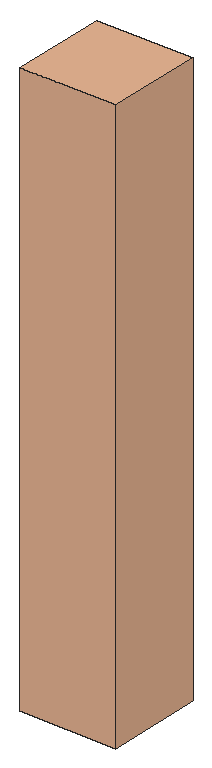
Revit family "EFPost", category Structural Columns, Revit 2020
Family settings
  Section Shape = Not Defined
  Material for Model Behavior = Other
  Always export as geometry = No
  Beam cutback in plan = From bounding box
  OmniClass Number = 23.25.30.11.14.11
  OmniClass Title = Columns
  Cut with Voids When Loaded = No
  Symbolic Representation = From Family
  Shared = No
  Show family pre-cut in plan views = Yes
Parameters
  b = 2' - 0"
  d = 2' - 0"
  ParentName = ""
  Height [instance] = 12' - 0"
Reference planes (in)
  plane 1 "Center (Front/Back)": y = 0
  plane 2: z = 0
  plane 3 "Center (Left/Right)": x = 0
  plane 4 "Left": x = -12
  plane 5 "Right": x = 12
  plane 6 "Back": y = 12
  plane 7 "Front": y = -12
Forms (in)
  Extrusion 1, solid, material "Wood"
    sketch origin (0, 0, 0) x (1, 0, 0) y (0, 1, 0)
      loop
        line (12, -12) -> (12, 12) -> (-12, 12) -> (-12, -12) -> (12, -12)
    from 0 to 144
Dimensions and locks (in)
  equal spacing: plane 4 "Left", plane 3 "Center (Left/Right)", plane 5 "Right"
  equal spacing: plane 7 "Front", plane 1 "Center (Front/Back)", plane 6 "Back"
  "d": plane 7 "Front" to plane 6 "Back"
  "b": plane 4 "Left" to plane 5 "Right"
  "Height": Extrusion 1 to Extrusion 1
  aligned and locked: level to plane 2
Automatic sketch dimensions
  Extrusion 1 sketch curve to plane 6 "Back" = 0' - 0"
  Extrusion 1 sketch curve to plane 5 "Right" = 0' - 0"
  plane 7 "Front" to Extrusion 1 sketch curve = 0' - 0"
  plane 4 "Left" to Extrusion 1 sketch curve = 0' - 0"
